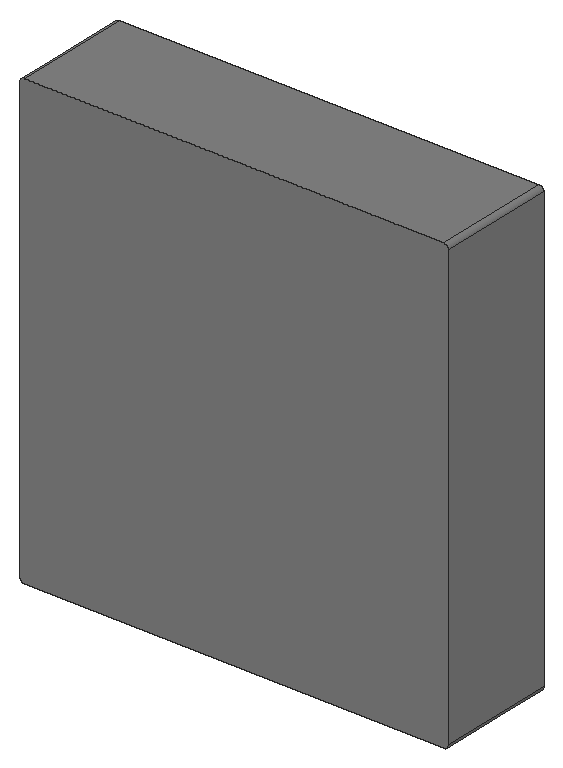
Revit family "Evoflat FSS_RFA_1", category Mechanical Equipment, Revit 2019
Family settings
  Round Connector Dimension = Use Diameter
  Classification = None
  Part Type = Normal
  OmniClass Number = 23.75.65.11.11
  OmniClass Title = Heating Controllers
  Work Plane-Based = No
  Always vertical = Yes
  Cut with Voids When Loaded = No
  Shared = No
  Room Calculation Point = No
Parameters (values of type "Evoflat FSS_Type 1_Cu_145B0000")
  With Front Insulation = no
  Weight = 10.00 kg  # constant formula
  W1 = 44 mm  # constant formula
  W = 150 mm  # constant formula
  Voltage = 230 V  # constant formula
  URL = ""
  Type Image = <None>
  Type Comments = ""
  Top [instance] = if(or(Clearance Zone Visibility, Clearance Zone Top Visibility), 1 = 1, 1 = 0)  # no
  Right [instance] = if(or(Clearance Zone Visibility, Clearance Zone Right Visibility), 1 = 1, 1 = 0)  # no
  Pressure Drop (HE) [instance] = 0.0 Pa
  Pressure Drop (DHW) [instance] = 0.0 Pa
  Pressure Drop (DH) [instance] = 0.0 Pa
  Pressure Drop (DCW) [instance] = 0.0 Pa
  Nut size = 30 mm  # constant formula
  Nominal Pressure = "PN 10"  # constant formula
  Model Type = "Evoflat FSS_Type 1_Cu"
  Model = "145B0000"
  Max Supply Temperature = "95 °C"  # constant formula
  Manufacturer = "Danfoss"  # constant formula
  Left [instance] = if(or(Clearance Zone Visibility, Clearance Zone Left Visibility), 1 = 1, 1 = 0)  # no
  LOD 350 = not(LOD 200)  # yes
  LOD 200 = no
  L1a = 43 mm  # constant formula
  L1 = 112 mm  # constant formula
  L = 545 mm  # constant formula
  Insulation Material = Danfoss EPP insulation
  IfcExportType = "EvoFlat FSS"  # constant formula
  IfcExportAs = "IfcFlowController"  # constant formula
  Heating Total Pressure Loss Primary = "8 kPa"  # constant formula
  Heating Flow Rate Supply = "645 l/h"  # constant formula
  Heating Circuit dT = "20 °C"  # constant formula
  Heating Capacity = 15 kW  # constant formula
  HEX material = Danfoss Copper
  H3 = 575 mm  # constant formula
  H2 = 13 mm  # constant formula
  H1 = 5 mm  # constant formula
  H = H3 + H2  # 588 mm
  Front Insulation = if(and(With Front Insulation, LOD 350), 1 = 1, 1 = 0)  # no
  Front [instance] = if(or(Clearance Zone Visibility, Clearance Zone Front Visibility), 1 = 1, 1 = 0)  # no
  Flow (HE) [instance] = 0.0 L/s
  Flow (DHW) [instance] = 0.0 L/s
  Flow (DH) [instance] = 0.0 L/s
  Flow (DCW) [instance] = 0.0 L/s
  Description = "Flat Station"  # constant formula
  DHW capacity = 43 kW
  DHW Temperature DHS/DHR = "65/22 °C"
  DHW Tap Load 50°C = "15.3 l/min"
  DHW Pressure Loss Primary = "40 kPa"
  DHW Flow Rate Primary = "850 l/h"
  D = 20 mm  # constant formula
  Connection = "G 3/4 Internal Thread"  # constant formula
  Clearance Zone Visibility [instance] = no
  Clearance Zone Top Visibility [instance] = no
  Clearance Zone Top [instance] = 25 mm  # constant formula
  Clearance Zone Right Visibility [instance] = no
  Clearance Zone Right [instance] = 50 mm  # constant formula
  Clearance Zone Left Visibility [instance] = no
  Clearance Zone Left [instance] = 50 mm  # constant formula
  Clearance Zone Front Visibility [instance] = no
  Clearance Zone Front [instance] = 150 mm  # constant formula
  Clearance Zone Bottom Visibility [instance] = no
  Clearance Zone Bottom [instance] = 25 mm  # constant formula
  Bottom [instance] = if(or(Clearance Zone Visibility, Clearance Zone Bottom Visibility), 1 = 1, 1 = 0)  # no
  Assembly Code = ""
Types (9, lengths in mm): name | With Front Insulation | Model Type | Model | HEX material | Front Insulation | DHW capacity | DHW Temperature DHS/DHR | DHW Tap Load 50°C | DHW Pressure Loss Primary | DHW Flow Rate Primary
  Evoflat FSS_Type 1_Cu_145B0000 | no | "Evoflat FSS_Type 1_Cu" | "145B0000" | Danfoss Copper | no | 43 kW | "65/22 °C" | "15.3 l/min" | "40 kPa" | "850 l/h"
  Evoflat FSS_Type 3_Cu_145B0007 | no | "Evoflat FSS_Type 3_Cu" | "145B0007" | Danfoss Copper | no | 55 kW | "65/16 °C" | "19.4 l/min" | "27 kPa" | "950 l/h"
  Evoflat FSS_Type 2_Cu_145B0003 | no | "Evoflat FSS_Type 2_Cu" | "145B0003" | Danfoss Copper | no | 49 kW | "65/21 °C" | "17.5 l/min" | "30 kPa" | "950 l/h"
  Evoflat FSS_Type 1_Cu_Ins_145B0010 | yes | "Evoflat FSS_Type 1_Cu_Ins" | "145B0010" | Danfoss Copper | yes | 43 kW | "65/22 °C" | "15.3 l/min" | "40 kPa" | "850 l/h"
  Evoflat FSS_Type 2_StS_Ins_145B0070 | yes | "Evoflat FSS_Type 2_StS_Ins" | "145B0070" | Danfoss Stainless Steel | yes | 49 kW | "65/21 °C" | "17.5 l/min" | "30 kPa" | "950 l/h"
  Evoflat FSS_Type 3_Cu_Ins_145B0017 | yes | "Evoflat FSS_Type 3_Cu_Ins" | "145B0017" | Danfoss Copper | yes | 55 kW | "65/16 °C" | "19.4 l/min" | "27 kPa" | "950 l/h"
  Evoflat FSS_Type 1_StS_Ins_145B0069 | yes | "Evoflat FSS_Type 1_StS_Ins" | "145B0069" | Danfoss Stainless Steel | yes | 43 kW | "65/22 °C" | "15.3 l/min" | "40 kPa" | "850 l/h"
  Evoflat FSS_Type 2_Cu_Ins_145B0013 | yes | "Evoflat FSS_Type 2_Cu_Ins" | "145B0013" | Danfoss Copper | yes | 49 kW | "65/21 °C" | "17.5 l/min" | "30 kPa" | "950 l/h"
  Evoflat FSS_Type 3_StS_Ins_145B0071 | yes | "Evoflat FSS_Type 3_StS_Ins" | "145B0071" | Danfoss Stainless Steel | yes | 55 kW | "65/16 °C" | "19.4 l/min" | "27 kPa" | "950 l/h"
Reference planes
  plane 1 "Center (Front/Back)": y = 0
  plane 2: z = 0
  plane 3 "Center (Left/Right)": x = 0
  plane 4: y = -44
  plane 5: x = -272.5
  plane 6: x = 272.5
  plane 7: z = 575
  plane 8: y = -150
  plane 9: z = 5
  plane 10: z = -13
  plane 11: x = -160.5
  plane 12: x = 229.5
  plane 13: y = -41.5
Forms (mm)
  Extrusion 1, solid, material "Danfoss EPP insulation", visible <- "LOD 200"
    sketch origin (0, 0, 0) x (1, 0, 0) y (0, 0, 1)
      loop
        line (-272.5, 575) -> (-272.5, 0) -> (272.5, 0) -> (272.5, 575) -> (-272.5, 575)
    from 0 to 150 <- "W"
  Extrusion 2, solid, material "Danfoss Brass"
    sketch origin (8.5, 0, -5) x (1, 0, 0) y (0, 1, 0)
      loop
        line (-169, -26.679) -> (-184, -35.34) -> (-184, -52.66) -> (-169, -61.321) -> (-154, -52.66) -> (-154, -35.34) -> (-169, -26.679)
    from -8 to 10
  Extrusion 3, solid, visible <- "Front"
    sketch origin (15, -150, 238.394) x (1, 0, 0) y (0, 0, 1)
      loop
        line (-287.5, 336.606) -> (-287.5, -238.394) -> (257.5, -238.394) -> (257.5, 336.606) -> (-287.5, 336.606)
    from 150 <- "Clearance Zone Front" to 0
  Extrusion 4, solid, visible <- "Right"
    sketch origin (0, 0, 0) x (1, 0, 0) y (0, 0, 1)
      loop
        line (272.5, 575) -> (272.5, 0) -> (322.5, 0) -> (322.5, 575) -> (272.5, 575)
    from 150 <- "W" to 0
  Extrusion 5, solid, visible <- "Left"
    sketch origin (0, 0, 0) x (1, 0, 0) y (0, 0, 1)
      loop
        line (-272.5, 575) -> (-322.5, 575) -> (-322.5, 0) -> (-272.5, 0) -> (-272.5, 575)
    from 150 <- "W" to 0
  Extrusion 6, solid, visible <- "Top"
    sketch origin (0, 0, 0) x (1, 0, 0) y (0, 0, 1)
      loop
        line (-272.5, 575) -> (272.5, 575) -> (272.5, 600) -> (-272.5, 600) -> (-272.5, 575)
    from 150 <- "W" to 0
  Extrusion 7, solid, visible <- "Bottom"
    sketch origin (0, 0, 0) x (1, 0, 0) y (0, 0, 1)
      loop
        line (-272.5, 0) -> (-272.5, -25) -> (272.5, -25) -> (272.5, 0) -> (-272.5, 0)
    from 150 <- "W" to 0
  Extrusion 8, solid, material "Danfoss Brass"
    sketch origin (390, 0, -5) x (1, 0, 0) y (0, 1, 0)
      loop
        line (-169, -26.679) -> (-184, -35.34) -> (-184, -52.66) -> (-169, -61.321) -> (-154, -52.66) -> (-154, -35.34) -> (-169, -26.679)
    from -8 to 10
  Extrusion 9, solid, material "Danfoss Brass"
    sketch origin (72.083, 0, -5) x (1, 0, 0) y (0, 1, 0)
      loop
        line (-169, -26.679) -> (-184, -35.34) -> (-184, -52.66) -> (-169, -61.321) -> (-154, -52.66) -> (-154, -35.34) -> (-169, -26.679)
    from -8 to 10
  Extrusion 10, solid, material "Danfoss Brass"
    sketch origin (135.667, 0, -5) x (1, 0, 0) y (0, 1, 0)
      loop
        line (-169, -26.679) -> (-184, -35.34) -> (-184, -52.66) -> (-169, -61.321) -> (-154, -52.66) -> (-154, -35.34) -> (-169, -26.679)
    from -8 to 10
  Extrusion 11, solid, material "Danfoss Brass"
    sketch origin (199.25, 0, -5) x (1, 0, 0) y (0, 1, 0)
      loop
        line (-169, -26.679) -> (-184, -35.34) -> (-184, -52.66) -> (-169, -61.321) -> (-154, -52.66) -> (-154, -35.34) -> (-169, -26.679)
    from -8 to 10
  Extrusion 12, solid, material "Danfoss Brass"
    sketch origin (262.833, 0, -5) x (1, 0, 0) y (0, 1, 0)
      loop
        line (-169, -26.679) -> (-184, -35.34) -> (-184, -52.66) -> (-169, -61.321) -> (-154, -52.66) -> (-154, -35.34) -> (-169, -26.679)
    from -8 to 10
  Extrusion 13, solid, material "Danfoss Brass"
    sketch origin (326.417, 0, -5) x (1, 0, 0) y (0, 1, 0)
      loop
        line (-169, -26.679) -> (-184, -35.34) -> (-184, -52.66) -> (-169, -61.321) -> (-154, -52.66) -> (-154, -35.34) -> (-169, -26.679)
    from -8 to 10
  Extrusion 14, solid, material "Danfoss EPP insulation" <- "Insulation Material", visible <- "LOD 350"
    sketch origin (0, 0, 0) x (1, 0, 0) y (0, 0, 1)
      loop
        arc (-266.5, 575) -> (-270.743, 573.243) -> (-272.5, 569) r 6
        line (-272.5, 569) -> (-272.5, 6)
        arc (-272.5, 6) -> (-270.743, 1.757) -> (-266.5, 0) r 6
        line (-266.5, 0) -> (266.5, 0)
        arc (266.5, 0) -> (270.743, 1.757) -> (272.5, 6) r 6
        line (272.5, 6) -> (272.5, 569)
        arc (272.5, 569) -> (270.743, 573.243) -> (266.5, 575) r 6
        line (266.5, 575) -> (-266.5, 575)
    from 150 to 0
  Extrusion 15, void
    sketch origin (0, 0, 0) x (1, 0, 0) y (0, 0, 1)
      loop
        line (-67.5, 0) -> (67.5, 0) -> (67.5, 575) -> (-67.5, 575) -> (-67.5, 0)
    from 150 to 152
  Extrusion 16, solid, material "Danfoss Plastic White", visible <- "Front Insulation"
    sketch origin (0, 0, 0) x (1, 0, 0) y (0, 0, 1)
      loop
        line (-67.5, 575) -> (-67.5, 0) -> (67.5, 0) -> (67.5, 575) -> (-67.5, 575)
    from 152 to 150
Cuts and joins
  Extrusion 15 cuts Extrusion 3
  Extrusion 15 cuts Extrusion 14
Dimensions and locks
  "Clearance Zone Right": Extrusion 4 sketch curve to Extrusion 3
  "Clearance Zone Left": Extrusion 5 sketch curve to Extrusion 3
  "H3": plane 7 to plane 2
  equal spacing: plane 6, plane 3 "Center (Left/Right)", plane 5
  "L": plane 6 to plane 5
  "W": plane 8 to plane 1 "Center (Front/Back)"
  "H1": plane 9 to level
  "H2": plane 2 to plane 10
  "W1": plane 4 to plane 1 "Center (Front/Back)"
  "L1": plane 5 to plane 11
  "Nut size": Extrusion 2 sketch curve to Extrusion 2 sketch curve  (x3)
  "L1a": plane 12 to plane 6
  "Nut size": Extrusion 8 sketch curve to Extrusion 8 sketch curve  (x3)
  equal spacing: group 1, group 3, group 4, group 5, group 6, group 7, group 2  (x3)
  "Nut size": Extrusion 9 sketch curve to Extrusion 9 sketch curve  (x3)
  "Nut size": Extrusion 10 sketch curve to Extrusion 10 sketch curve  (x3)
  "Nut size": Extrusion 11 sketch curve to Extrusion 11 sketch curve  (x3)
  "Nut size": Extrusion 12 sketch curve to Extrusion 12 sketch curve  (x3)
  "Nut size": Extrusion 13 sketch curve to Extrusion 13 sketch curve  (x3)
  locked: plane 13 to plane 1 "Center (Front/Back)" at 41.5
  level to Extrusion 14 = 575 mm
  equal spacing: Extrusion 15 sketch curve, plane 3 "Center (Left/Right)", Extrusion 15 sketch curve
  Extrusion 15 sketch curve to Extrusion 15 sketch curve = 135 mm
  "Clearance Zone Bottom": plane 2 to Extrusion 7 sketch curve
  "Clearance Zone Top": Extrusion 6 sketch curve to plane 7
  plane 11 to plane 3 "Center (Left/Right)" = 160.5 mm
  radius of Extrusion 14 sketch curve = 6 mm  (x4)
  angle Extrusion 2 sketch curve to Extrusion 2 sketch curve = 120.00°  (x3)
  angle Extrusion 8 sketch curve to Extrusion 8 sketch curve = 120.00°  (x3)
  angle Extrusion 9 sketch curve to Extrusion 9 sketch curve = 120.00°  (x3)
  angle Extrusion 10 sketch curve to Extrusion 10 sketch curve = 120.00°  (x3)
  angle Extrusion 11 sketch curve to Extrusion 11 sketch curve = 120.00°  (x3)
  angle Extrusion 12 sketch curve to Extrusion 12 sketch curve = 120.00°  (x3)
  angle Extrusion 13 sketch curve to Extrusion 13 sketch curve = 120.00°  (x3)
  aligned and locked: level to plane 2
  aligned and locked: Extrusion 3 sketch curve to Extrusion 1  (x2)
  aligned and locked: plane 2 to Extrusion 1 sketch curve
  aligned and locked: plane 5 to Extrusion 1 sketch curve
  aligned and locked: Extrusion 1 sketch curve to plane 6
  aligned and locked: plane 9 to Extrusion 2
  aligned and locked: Extrusion 2 to plane 10
  aligned and locked: plane 11 to Extrusion 2
  aligned and locked: Extrusion 14 sketch curve to plane 6
  aligned and locked: plane 8 to Extrusion 14
  aligned and locked: Extrusion 14 to plane 1 "Center (Front/Back)"
  aligned and locked: Extrusion 4 to Extrusion 15
  aligned and locked: Extrusion 3 sketch curve to plane 7
  aligned and locked: plane 2 to Extrusion 3 sketch curve
  aligned and locked: plane 2 to Extrusion 4 sketch curve
  aligned and locked: Extrusion 4 sketch curve to plane 7
  aligned and locked: plane 6 to Extrusion 4 sketch curve
  aligned and locked: Extrusion 5 sketch curve to plane 2
  aligned and locked: plane 7 to Extrusion 5 sketch curve
  aligned and locked: plane 5 to Extrusion 5 sketch curve
  aligned and locked: Extrusion 7 sketch curve to plane 2
  aligned and locked: plane 5 to Extrusion 7 sketch curve
  aligned and locked: Extrusion 7 sketch curve to plane 6
  aligned and locked: Extrusion 6 sketch curve to plane 7
  aligned and locked: Extrusion 6 sketch curve to plane 5
  aligned and locked: plane 6 to Extrusion 6 sketch curve
  aligned and locked: plane 7 to Extrusion 14
  aligned and locked: plane 7 to Extrusion 15
  aligned and locked: Extrusion 15 to level
  aligned and locked: plane 9 to Extrusion 9
  aligned and locked: Extrusion 14 to level
  aligned and locked: Extrusion 16 to Extrusion 1
  aligned and locked: Extrusion 16 to cut or joined group of Extrusion 3, Extrusion 15
  aligned and locked: plane 7 to Extrusion 1
Automatic sketch dimensions
  Extrusion 2 sketch curve to Extrusion 2 sketch curve = 15 mm
  Extrusion 8 sketch curve to Extrusion 8 sketch curve = 15 mm
  Extrusion 9 sketch curve to Extrusion 9 sketch curve = 15 mm
  Extrusion 10 sketch curve to Extrusion 10 sketch curve = 15 mm
  Extrusion 11 sketch curve to Extrusion 11 sketch curve = 15 mm
  Extrusion 12 sketch curve to Extrusion 12 sketch curve = 15 mm
  Extrusion 13 sketch curve to Extrusion 13 sketch curve = 15 mm
  Extrusion 14 sketch curve to plane 5 = 0 mm
  Extrusion 16 sketch curve to plane 3 "Center (Left/Right)" = 67.5 mm
  plane 3 "Center (Left/Right)" to Extrusion 16 sketch curve = 67.5 mm
  Extrusion 1 sketch curve to plane 7 = 0 mm
  Extrusion 14 sketch curve to plane 7 = 6 mm
  Extrusion 15 sketch curve to plane 7 = 0 mm
  Extrusion 16 sketch curve to plane 7 = 0 mm
  plane 9 to Extrusion 14 sketch curve = 1 mm
  Extrusion 15 sketch curve to plane 9 = 5 mm
  Extrusion 16 sketch curve to level = 0 mm
Connectors
  piping at (-160.5, -44, -13), diameter 20, driven by "D", driven by "Flow (DCW)"
    settings: on Extrusion 2, index 1, connector inside diameter 609.6 mm, connector length 0 mm, flow factor 0, pipe flow 0.0 L/s, pressure drop 0.0 Pa, fitting loss kfactor 0, connector angle 0.00°, fixture units 0, engagement length 0 mm, angle of deflection 0.00°, flow configuration 0, flow direction 1, fitting loss method 0, system type 20, joint type 0, gender type 0, connector reference index -1, connector utility 0, adjustable connector no, is connector primary yes, connector description ""
  piping at (-96.917, -44, -13), diameter 20, driven by "D", driven by "Flow (DHW)"
    settings: on Extrusion 9, index 2, connector inside diameter 609.6 mm, connector length 0 mm, flow factor 0, pipe flow 0.0 L/s, pressure drop 0.0 Pa, fitting loss kfactor 0, connector angle 0.00°, fixture units 0, engagement length 0 mm, angle of deflection 0.00°, flow configuration 0, flow direction 2, fitting loss method 0, system type 19, joint type 0, gender type 0, connector reference index -1, connector utility 0, adjustable connector no, is connector primary no, connector description ""
  piping at (-33.333, -44, -13), diameter 20, driven by "D", driven by "Flow (DCW)"
    settings: on Extrusion 10, index 3, connector inside diameter 609.6 mm, connector length 0 mm, flow factor 0, pipe flow 0.0 L/s, pressure drop 0.0 Pa, fitting loss kfactor 0, connector angle 0.00°, fixture units 0, engagement length 0 mm, angle of deflection 0.00°, flow configuration 0, flow direction 2, fitting loss method 0, system type 20, joint type 0, gender type 0, connector reference index -1, connector utility 0, adjustable connector no, is connector primary no, connector description ""
  piping at (30.25, -44, -13), diameter 20, driven by "D", driven by "Flow (DH)"
    settings: on Extrusion 11, index 4, connector inside diameter 609.6 mm, connector length 0 mm, flow factor 0, pipe flow 0.0 L/s, pressure drop 0.0 Pa, fitting loss kfactor 0, connector angle 0.00°, fixture units 0, engagement length 0 mm, angle of deflection 0.00°, flow configuration 0, flow direction 1, fitting loss method 0, system type 7, joint type 0, gender type 0, connector reference index -1, connector utility 0, adjustable connector no, is connector primary no, connector description ""
  piping at (93.833, -44, -13), diameter 20, driven by "D", driven by "Flow (DH)"
    settings: on Extrusion 12, index 5, connector inside diameter 609.6 mm, connector length 0 mm, flow factor 0, pipe flow 0.0 L/s, pressure drop 0.0 Pa, fitting loss kfactor 0, connector angle 0.00°, fixture units 0, engagement length 0 mm, angle of deflection 0.00°, flow configuration 0, flow direction 2, fitting loss method 0, system type 8, joint type 0, gender type 0, connector reference index -1, connector utility 0, adjustable connector no, is connector primary no, connector description ""
  piping at (157.417, -44, -13), diameter 20, driven by "D", driven by "Flow (HE)"
    settings: on Extrusion 13, index 6, connector inside diameter 609.6 mm, connector length 0 mm, flow factor 0, pipe flow 0.0 L/s, pressure drop 0.0 Pa, fitting loss kfactor 0, connector angle 0.00°, fixture units 0, engagement length 0 mm, angle of deflection 0.00°, flow configuration 0, flow direction 2, fitting loss method 0, system type 7, joint type 0, gender type 0, connector reference index -1, connector utility 0, adjustable connector no, is connector primary no, connector description ""
  piping at (221, -44, -13), diameter 20, driven by "D", driven by "Flow (HE)"
    settings: on Extrusion 8, index 7, connector inside diameter 609.6 mm, connector length 0 mm, flow factor 0, pipe flow 0.0 L/s, pressure drop 0.0 Pa, fitting loss kfactor 0, connector angle 0.00°, fixture units 0, engagement length 0 mm, angle of deflection 0.00°, flow configuration 0, flow direction 1, fitting loss method 0, system type 8, joint type 0, gender type 0, connector reference index -1, connector utility 0, adjustable connector no, is connector primary no, connector description ""
